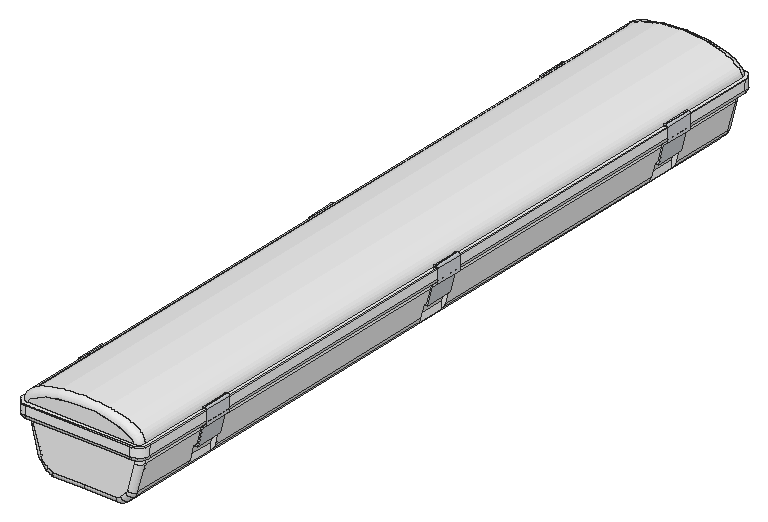
Revit family "0048818 Feilo Sylvania Lighting Fixture HYDROPROOF LED G3 600MM T 4K QC D", category Lighting Fixtures, host Face, Revit 2016
Family settings
  Host = Face
  Part Type = Normal
  Round Connector Dimension = Use Diameter
  OmniClass Number = 23.80.70.11.14
  OmniClass Title = General Luminaries, Directional
  Cut with Voids When Loaded = No
  Light Source = Yes
  Shared = No
  Room Calculation Point = No
Parameters (values of type "0048818 HYDROPROOF LED G3 600MM T 4K QC D")
  Width = 110 mm
  Weight = "1.18 kg"
  Wattage Comments = "n/a"
  Wattage = 19 W
  WarrantyStartDate [instance] = "n/a"
  WarrantyGuarantorParts = "n/a"
  WarrantyDurationUnit = "n/a"
  WarrantyDurationParts = "n/a"
  WarrantyDescription = "n/a"
  built-in parameter 1150110 = 1 (stored number, unit not read)
  Voltage = 230 V
  URL = "http://www.sylvania-lighting.com"
  TypeName = "HYDROPROOF LED G3 600MM T 4K QC D"
  Type Image = <None>
  Type Comments = "n/a"
  built-in parameter 1114217 = 1 (stored number, unit not read)
  Tilt Angle = -90.00°
  built-in parameter 1150109 = 1 (stored number, unit not read)
  built-in parameter 1150134 = 12
  built-in parameter 1150113 = 1 (stored number, unit not read)
  SerialNumber [instance] = "n/a"
  ReflectorMaterial = none
  PowerFactor = 0
  PowerConsumption = "19 W"
  Photometric Web File = "0048818.ies"
  NominalWidth = 0 mm
  NominalLength = 665 mm
  NominalHeight = 78 mm
  Name = "HYDROPROOF LED G3 600MM T 4K QC D"
  ModelReference = "HYDROPROOF LED G3 600MM T 4K QC D"
  ModelNumber = "0048818"
  Model = "HYDROPROOF LED G3 600MM T 4K QC D"
  Material = "grp housing, pmma diffuser"
  ManufacturerName = "Feilo Sylvania"
  Manufacturer = "Feilo Sylvania"
  LuminousEfficacy = "145 lm/W"
  built-in parameter 1150105 = 219.24 (stored number, unit not read)
  Lumens = 2755 lm
  LuminaireType = ""
  built-in parameter 1150115 = 1 (stored number, unit not read)
  LightOutputRatio = "n/a"
  built-in parameter 1150137 = (empty or 0)
  built-in parameter 1150139 = (empty or 0)
  Length = 665 mm
  LampsType = Lamp  # "LED"
  LampNominalLuminous = "2800 lm"
  LampMacAdamStep = "3"
  LampColourTemperature = "4000 K"
  LampColourRenderingIndex = "80"
  built-in parameter 1150112 = 1 (stored number, unit not read)
  built-in parameter 1150114 = 1 (stored number, unit not read)
  Lamp = "LED"
  Keynote = "16500"
  InstallationDate [instance] = "n/a"
  InputVoltage = "220-240V~"
  InputNominalFrequency = "DC/50/60 Hz"
  built-in parameter 1150132 = (empty or 0)
  built-in parameter 1150102 = (empty or 0)
  built-in parameter 1150107 = 4000 (stored number, unit not read)
  built-in parameter 1150138 = (empty or 0)
  IngressProtection = "IP65"
  ImpactProtectionIndex = "IK02"
  built-in parameter 1150106 = 2.1924 (stored number, unit not read)
  IfcExportType = "IfcLightFixtureType"
  IfcExportAs = "IfcLightFixtureType"
  ExpectedLife = 50000
  Emit from Rectangle Width = Width - 20 mm  # 90 mm
  Emit from Rectangle Length = Length - 20 mm  # 645 mm
  Emit Shape Visible in Rendering = no
  ElectricShockClassification = "Class I"
  built-in parameter 1150104 = 13.471 (stored number, unit not read)
  DurationUnit = "hours"
  DocumentationLiterature = "http://www.sylvania-lighting.com/product/en-int/products/0048818"
  DimmingControlOptions = "Dimmable"
  Dimming Lamp Color Temperature Shift = <None>
  DiffuserMaterial = Diffuser-Sylvania-Transparent
  Description = "Hydroproof, integrated LED chemical resistant weatherproof luminaire with quick connector, with UV stabilized flat diffuser and linear prisms designed to achieve uniform lit appearance, optimise light output and to reduce glare, stainless steel diffuser clips and fixing brackets for surface and wall mounting. L 665 mm x W 110 mm x H 78 mm size, GRP housing, PMMA diffuser, DALI dimmable, 4000K, CRI80,  2800 lm, 19 W, 145 lm/W, nominal average life (h):50000, energy class: A++ A+ A Class I,IK02, IP65."
  Default Elevation = 1219.2 mm
  CreatedOn = "3/27/2018"
  CreatedBy = "aron.fodor@feilosylvania.com"
  Cost = 0
  Color Filter = 16777215
  built-in parameter 1114216 [instance] = (empty or 0)
  ClassificationValue = "EF_70_80"
  ClassificationName = "Uniclass2015"
  BracketOffset_FEILO = 360 mm
  BodyMaterial = Body-Sylvania-Gray
  BarCode [instance] = "n/a"
  built-in parameter 1114218 = 1 (stored number, unit not read)
  built-in parameter 1150133 = 10 (stored number, unit not read)
  AssetType = "Fixed"
  AssetIdentifier [instance] = "n/a"
  Assembly Code = "D5020200"
  Apparent Load = 19 VA
  AccessoryMaterial = Diffuser-Sylvania-Glow
Reference planes
  plane 1 "Center (Front/Back)": y = 0
  plane 2: z = 0
  plane 3 "Center (Left/Right)": x = 0
  plane 4: z = 54
  plane 5: x = -27.7
  plane 6: x = -34.8
  plane 7: x = -39.6
  plane 8: x = -42.2
  plane 9: z = 3
  plane 10: z = 7.8
  plane 11: z = 12.3
  plane 12: z = 36.6
  plane 13: z = 42.8
  plane 14: x = -51.1
  plane 15: z = 46.2
  plane 16: x = -55
  plane 17: y = 332.5
  plane 18: y = -332.5
  plane 19: x = 27.7
  plane 20: x = 34.8
  plane 21: x = 39.6
  plane 22: x = 42.2
  plane 23: x = 51.1
  plane 24: x = 55
  plane 25: y = 324.9
  plane 26: y = -324.9
  plane 27: y = -321.2
  plane 28: y = 321.2
  plane 29: z = 74
  plane 30: x = -51.5
  plane 31: x = 51.5
  plane 32: z = 55.2
  plane 33: y = -329
  plane 34: y = 329
  plane 35: x = -37.5
  plane 36: x = 37.5
  plane 37: x = -48.7
  plane 38: x = 48.7
  plane 39: x = 18
  plane 40: x = -18
  plane 41: z = 50.2
  plane 42: z = 24.6
  plane 43: y = 720
  plane 44: y = 706
  plane 45: y = 734
  plane 46: y = 250
  plane 47: y = 236
  plane 48: y = 264
  plane 49: y = 0
  plane 50: y = -14
  plane 51: y = 14
  plane 52: y = -250
  plane 53: y = -264
  plane 54: y = -236
Forms (mm)
  Sweep 1, solid, material "Body-Sylvania-Gray" <- "BodyMaterial", detail levels medium+fine
    path origin (1223.4, -4572, 54) x (0, -1, 0) y (1, 0, 0)
      loop
        arc (-4249.5, -1278.4) -> (-4242.429, -1275.471) -> (-4239.5, -1268.4) r 10
        line (-4239.5, -1268.4) -> (-4239.5, -1178.4)
        arc (-4239.5, -1178.4) -> (-4242.429, -1171.329) -> (-4249.5, -1168.4) r 10
        line (-4249.5, -1168.4) -> (-4894.5, -1168.4)
        arc (-4894.5, -1168.4) -> (-4901.571, -1171.329) -> (-4904.5, -1178.4) r 10
        line (-4904.5, -1178.4) -> (-4904.5, -1268.4)
        arc (-4904.5, -1268.4) -> (-4901.571, -1275.471) -> (-4894.5, -1278.4) r 10
        line (-4894.5, -1278.4) -> (-4249.5, -1278.4)
    profile origin (-55, 0, 54) x (-1, 0, 0) y (0, 0, 1)
      loop
        line (0, 0) -> (-1, 0) -> (-1, -7.726)
        arc (-1, -7.726) -> (-1.994, -9.498) -> (-3.9, -10.2) r 2.937
        line (-3.9, -10.2) -> (-8.571, -10.2) -> (-8.571, -11.2) -> (-3.9, -11.2)
        arc (-3.9, -11.2) -> (-1.313, -10.231) -> (0, -7.8) r 3.937
        line (0, -7.8) -> (0, 0)
  Sweep 2, solid, material "Body-Sylvania-Gray" <- "BodyMaterial", detail levels medium+fine
    path origin (0, 0, 0) x (1, 0, 0) y (0, 0, 1)
      loop
        line (48.7, 42.8) -> (48.7, 36.6) -> (42.203, 12.31)
        arc (42.203, 12.31) -> (41.199, 9.884) -> (39.6, 7.8) r 10.052
        line (39.6, 7.8) -> (34.8, 3)
        arc (34.8, 3) -> (31.554, 0.781) -> (27.7, 0) r 9.902
        line (27.7, 0) -> (0, 0) -> (-27.7, 0)
        arc (-27.7, 0) -> (-31.554, 0.781) -> (-34.8, 3) r 9.902
        line (-34.8, 3) -> (-39.6, 7.8)
        arc (-39.6, 7.8) -> (-41.199, 9.884) -> (-42.203, 12.31) r 10.052
        line (-42.203, 12.31) -> (-48.7, 36.6) -> (-48.7, 42.8)
    profile origin (0, 0, 0) x (0, 0, -1) y (0, -1, 0)
      loop
        arc (0, 319.9) -> (-1.464, 323.436) -> (-5, 324.9) r 5
        line (-5, 324.9) -> (-7.8, 324.9) -> (-7.8, -324.9) -> (-5, -324.9)
        arc (-5, -324.9) -> (-1.464, -323.436) -> (0, -319.9) r 5
        line (0, -319.9) -> (0, 319.9)
  Extrusion 3, solid, material "Body-Sylvania-Gray" <- "BodyMaterial", detail levels medium+fine
    sketch origin (1524, 324.9, 1219.2) x (1, 0, 0) y (0, 0, 1)
      loop
        arc (-1558.668, -1204.874) -> (-1558.443, -1205.418) -> (-1558.085, -1205.885) r 2.252
        line (-1558.085, -1205.885) -> (-1553.231, -1210.738)
        arc (-1553.231, -1210.738) -> (-1552.534, -1211.227) -> (-1551.7, -1211.4) r 2.102
        line (-1551.7, -1211.4) -> (-1496.3, -1211.4)
        arc (-1496.3, -1211.4) -> (-1495.466, -1211.227) -> (-1494.769, -1210.738) r 2.102
        line (-1494.769, -1210.738) -> (-1489.915, -1205.885)
        arc (-1489.915, -1205.885) -> (-1489.557, -1205.418) -> (-1489.332, -1204.874) r 2.252
        line (-1489.332, -1204.874) -> (-1483.1, -1181.575) -> (-1483.1, -1176.4) -> (-1564.9, -1176.4) -> (-1564.9, -1181.575) -> (-1558.668, -1204.874)
    from 0 to 649.8
  Sweep 4, solid, material "Diffuser-Sylvania-Transparent" <- "DiffuserMaterial", detail levels medium+fine
    path origin (0, 0, 0) x (1, 0, 0) y (0, 0, 1)
      loop
        spline (-51.5, 55.2) -> (-49.745, 60.066) -> (-44.6, 64.6) -> (-36.416, 68.494) -> (-25.75, 71.481) -> (-13.329, 73.359) -> (0, 74) -> (13.329, 73.359) -> (25.75, 71.481) -> (36.416, 68.494) -> (44.6, 64.6) -> (49.745, 60.066) -> (51.5, 55.2)
    profile origin (51.5, 0, 55.2) x (0, -1, 0) y (1, 0, 0)
      loop
        arc (329, -5.5) -> (327.389, -1.611) -> (323.5, 0) r 5.5
        line (323.5, 0) -> (-323.5, 0)
        arc (-323.5, 0) -> (-327.389, -1.611) -> (-329, -5.5) r 5.5
        line (-329, -5.5) -> (-329, -6.3) -> (-328, -6.3) -> (-328, -5.5)
        arc (-328, -5.5) -> (-326.682, -2.318) -> (-323.5, -1) r 4.5
        line (-323.5, -1) -> (323.5, -1)
        arc (323.5, -1) -> (326.682, -2.318) -> (328, -5.5) r 4.5
        line (328, -5.5) -> (328, -6.347) -> (329, -6.347) -> (329, -5.5)
  Extrusion 5, solid, material "Diffuser-Sylvania-Transparent" <- "DiffuserMaterial", detail levels medium+fine
    sketch origin (1524, -329, 1219.2) x (1, 0, 0) y (0, 0, 1)
      loop
        line (-1569.653, -1164) -> (-1478.347, -1164)
        spline (-1478.347, -1164) -> (-1478.969, -1162.594) -> (-1482.527, -1159.545) -> (-1489.588, -1156.201) -> (-1499.458, -1153.445) -> (-1511.242, -1151.663) -> (-1524, -1151.049) -> (-1536.758, -1151.663) -> (-1548.542, -1153.445) -> (-1558.412, -1156.201) -> (-1565.473, -1159.545) -> (-1569.031, -1162.594) -> (-1569.653, -1164)
    from 0 to -1
  Extrusion 6, solid, material "Diffuser-Sylvania-Transparent" <- "DiffuserMaterial", detail levels medium+fine
    sketch origin (1524, 329, 1219.2) x (1, 0, 0) y (0, 0, 1)
      loop
        spline (-1478.3, -1164) -> (-1478.931, -1162.565) -> (-1482.502, -1159.505) -> (-1489.572, -1156.155) -> (-1499.446, -1153.394) -> (-1511.236, -1151.614) -> (-1524, -1151.007) -> (-1536.764, -1151.614) -> (-1548.554, -1153.394) -> (-1558.428, -1156.155) -> (-1565.498, -1159.505) -> (-1569.069, -1162.565) -> (-1569.7, -1164)
        line (-1569.7, -1164) -> (-1478.3, -1164)
    from 0 to 1
  Extrusion 7, solid, material "Diffuser-Sylvania-Transparent" <- "DiffuserMaterial", detail levels medium+fine
    sketch origin (1223.4, -4572, 55.2) x (0, -1, 0) y (-1, 0, 0)
      loop
        arc (-4900, 1177.4) -> (-4898.682, 1174.218) -> (-4895.5, 1172.9) r 4.5
        line (-4895.5, 1172.9) -> (-4248.5, 1172.9)
        arc (-4248.5, 1172.9) -> (-4245.318, 1174.218) -> (-4244, 1177.4) r 4.5
        line (-4244, 1177.4) -> (-4244, 1269.4)
        arc (-4244, 1269.4) -> (-4245.318, 1272.582) -> (-4248.5, 1273.9) r 4.5
        line (-4248.5, 1273.9) -> (-4895.5, 1273.9)
        arc (-4895.5, 1273.9) -> (-4898.682, 1272.582) -> (-4900, 1269.4) r 4.5
        line (-4900, 1269.4) -> (-4900, 1177.4)
      loop
        line (-4904.5, 1268.4) -> (-4904.5, 1178.4)
        arc (-4904.5, 1178.4) -> (-4901.571, 1171.329) -> (-4894.5, 1168.4) r 10
        line (-4894.5, 1168.4) -> (-4249.5, 1168.4)
        arc (-4249.5, 1168.4) -> (-4242.429, 1171.329) -> (-4239.5, 1178.4) r 10
        line (-4239.5, 1178.4) -> (-4239.5, 1268.4)
        arc (-4239.5, 1268.4) -> (-4242.429, 1275.471) -> (-4249.5, 1278.4) r 10
        line (-4249.5, 1278.4) -> (-4894.5, 1278.4)
        arc (-4894.5, 1278.4) -> (-4901.571, 1275.471) -> (-4904.5, 1268.4) r 10
    from 0 to 1.2
  Extrusion 8, solid, material "Diffuser-Sylvania-Glow" <- "AccessoryMaterial", detail levels fine
    sketch origin (0, 0, 0) x (1, 0, 0) y (0, 0, 1)
      loop
        circle (-18, 50.2) r 8
      loop
        circle (18, 50.2) r 8
    from -321.2 to 321.2
  Extrusion 9, solid, material "Body-Sylvania-Gray" <- "BodyMaterial", detail levels coarse
    sketch origin (0, 0, 0) x (1, 0, 0) y (0, 0, 1)
      loop
        line (55, 42.8) -> (55, 55.2) -> (-55, 55.2) -> (-55, 42.791) -> (-42.2, 0) -> (42.2, 0) -> (55, 42.8)
    from -332.5 to 332.5
  Extrusion 10, solid, material "Diffuser-Sylvania-Transparent" <- "DiffuserMaterial", detail levels coarse
    sketch origin (0, 0, 0) x (1, 0, 0) y (0, 0, 1)
      loop
        arc (51.5, 55.2) -> (0, 74) -> (-51.5, 55.2) r 79.939
        line (-51.5, 55.2) -> (51.5, 55.2)
    from 324.9 to -324.9
  Extrusion 11, void, not visible
    sketch origin (0, 720, 2343.807) x (0, 0, -1) y (-1, 0, 0)
      loop
        line (2340.807, -37.5) -> (2331.507, -37.5) -> (2319.207, -42.2) -> (2319.207, -48.7) -> (2340.807, -48.7) -> (2340.807, -37.5)
      loop
        line (2340.807, 37.5) -> (2340.807, 48.7) -> (2319.207, 48.7) -> (2319.207, 42.2) -> (2331.507, 37.5) -> (2340.807, 37.5)
    from -14 to 14
  Extrusion 12, void
    sketch origin (0, 250, 2343.807) x (0, 0, -1) y (-1, 0, 0)
      loop
        line (2340.807, -37.5) -> (2331.507, -37.5) -> (2319.207, -42.2) -> (2319.207, -48.7) -> (2340.807, -48.7) -> (2340.807, -37.5)
      loop
        line (2340.807, 37.5) -> (2340.807, 48.7) -> (2319.207, 48.7) -> (2319.207, 42.2) -> (2331.507, 37.5) -> (2340.807, 37.5)
    from -14 to 14
  Extrusion 13, void
    sketch origin (0, 0, 2343.807) x (0, 0, -1) y (-1, 0, 0)
      loop
        line (2340.807, -37.5) -> (2331.507, -37.5) -> (2319.207, -42.2) -> (2319.207, -48.7) -> (2340.807, -48.7) -> (2340.807, -37.5)
      loop
        line (2340.807, 37.5) -> (2340.807, 48.7) -> (2319.207, 48.7) -> (2319.207, 42.2) -> (2331.507, 37.5) -> (2340.807, 37.5)
    from -14 to 14
  Extrusion 14, void
    sketch origin (0, -250, 2343.807) x (0, 0, -1) y (-1, 0, 0)
      loop
        line (2340.807, -37.5) -> (2331.507, -37.5) -> (2319.207, -42.2) -> (2319.207, -48.7) -> (2340.807, -48.7) -> (2340.807, -37.5)
      loop
        line (2340.807, 37.5) -> (2340.807, 48.7) -> (2319.207, 48.7) -> (2319.207, 42.2) -> (2331.507, 37.5) -> (2340.807, 37.5)
    from -14 to 14
Cuts and joins
  Extrusion 12, Extrusion 13, Extrusion 14 cuts Sweep 2
  Extrusion 12, Extrusion 13, Extrusion 14 cuts Extrusion 3
  joined: Sweep 2, Extrusion 3
  joined: Sweep 4, Extrusion 5, Extrusion 6
Dimensions and locks
  locked: plane 4 to plane 2 at 54
  plane 5 to plane 6 to plane 7 to plane 8 to plane 14 to plane 16 = 7.1 mm locked, 4.8 mm locked, 2.6 mm locked, 8.9 mm, 3.9 mm
  plane 4 to plane 15 to plane 13 to plane 12 to plane 11 to plane 10 to plane 9 = 7.8 mm locked, 3.4 mm, 6.2 mm locked, 24.3 mm locked, 4.5 mm locked, 4.8 mm locked
  equal spacing: plane 18, plane 1 "Center (Front/Back)", plane 17
  "Length": plane 18 to plane 17
  plane 19 to plane 20 to plane 21 to plane 22 to plane 23 to plane 24 = 7.1 mm locked, 4.8 mm locked, 2.6 mm locked, 8.9 mm, 3.9 mm
  equal spacing: plane 24, plane 3 "Center (Left/Right)", plane 16
  "Width": plane 24 to plane 16
  equal spacing: plane 27, plane 1 "Center (Front/Back)", plane 28
  locked: plane 26 to plane 27 at 3.7
  locked: Sweep 1 sketch curve to profile plane at 1
  locked: Sweep 1 sketch curve to plane 13 at 1
  locked: Sweep 1 sketch curve to plane 13 at 3.937  (x2)
  locked: Sweep 1 sketch curve to profile plane at 3.9  (x2)
  locked: plane 29 to plane 4 at 20
  equal spacing: plane 31, plane 3 "Center (Left/Right)", plane 30
  locked: plane 30 to plane 16 at 3.5
  locked: plane 32 to plane 4 at 1.2
  equal spacing: plane 33, plane 1 "Center (Front/Back)", plane 34
  equal spacing: plane 36, plane 3 "Center (Left/Right)", plane 35
  locked: plane 3 "Center (Left/Right)" to plane 35 at 37.5
  locked: plane 34 to plane 17 at 3.5
  equal spacing: plane 38, plane 3 "Center (Left/Right)", plane 37
  locked: plane 37 to plane 16 at 6.3
  equal spacing: plane 25, plane 1 "Center (Front/Back)", plane 26
  locked: plane 17 to plane 25 at 7.6
  locked: Sweep 2 sketch curve to plane 2 at 5  (x2)
  locked: Sweep 2 sketch curve to plane 26 at 5
  locked: plane 25 to Sweep 2 sketch curve at 5
  locked: Sweep 4 sketch curve to plane 31 at 5.5  (x2)
  locked: Sweep 4 sketch curve to plane 34 at 5.5
  plane 33 to Sweep 4 sketch curve = 5.5 mm
  locked: plane 34 to Sweep 4 sketch curve at 1
  locked: Sweep 4 sketch curve to plane 31 at 1
  locked: Sweep 4 sketch curve to Sweep 4 sketch curve at 1
  locked: Sweep 4 sketch curve to plane 31 at 6.347
  locked: Sweep 4 sketch curve to plane 31 at 6.3
  equal spacing: plane 39, plane 3 "Center (Left/Right)", plane 40
  locked: plane 3 "Center (Left/Right)" to plane 40 at 18
  locked: plane 42 to plane 2 at 24.6
  plane 45 to plane 43 to plane 44 = 14 mm locked, 14 mm locked
  plane 48 to plane 46 to plane 47 = 14 mm locked, 14 mm locked
  plane 51 to plane 49 to plane 50 = 14 mm locked, 14 mm locked
  plane 54 to plane 52 to plane 53 = 14 mm locked, 14 mm locked
  equal spacing: plane 46, plane 1 "Center (Front/Back)", plane 52
  locked: plane 46 to plane 1 "Center (Front/Back)" at 250
  aligned and locked: plane 2 to host face
  aligned and locked: level to host face
  aligned and locked: plane 16 to Sweep 1 sketch curve
  aligned and locked: Sweep 1 sketch curve to plane 24
  aligned and locked: plane 18 to Sweep 1 sketch curve
  aligned and locked: Sweep 1 sketch curve to plane 13
  aligned and locked: profile plane to Sweep 1 sketch curve
  aligned and locked: plane 3 "Center (Left/Right)" to Sweep 2 sketch curve
  aligned and locked: plane 9 to Sweep 2 sketch curve
  aligned and locked: plane 10 to Sweep 2 sketch curve
  aligned and locked: plane 37 to Sweep 2 sketch curve
  aligned and locked: plane 12 to Sweep 2 sketch curve
  aligned and locked: Sweep 2 sketch curve to level
  aligned and locked: plane 21 to Sweep 2 sketch curve
  aligned and locked: plane 38 to Sweep 2 sketch curve
  aligned and locked: profile plane to Sweep 2 sketch curve
  aligned and locked: plane 25 to Sweep 2 sketch curve
  aligned and locked: Sweep 2 sketch curve to plane 10
  aligned and locked: Extrusion 3 sketch curve to Sweep 2  (x7)
  aligned and locked: Sweep 2 to Extrusion 3 sketch curve
  aligned and locked: Extrusion 3 to plane 25
  aligned and locked: plane 26 to Extrusion 3
  aligned and locked: plane 32 to Sweep 4 sketch curve
  aligned and locked: plane 33 to Sweep 4 sketch curve
  aligned and locked: Sweep 4 to Extrusion 5
  aligned and locked: plane 33 to Extrusion 5
  aligned and locked: Extrusion 5 sketch curve to Sweep 4
  aligned and locked: cut or joined group of Sweep 4, Extrusion 5, Extrusion 6 to Extrusion 6 sketch curve
  aligned and locked: Extrusion 7 sketch curve to cut or joined group of Sweep 4, Extrusion 5, Extrusion 6  (x2)
  aligned and locked: cut or joined group of Sweep 4, Extrusion 5, Extrusion 6 to Extrusion 7 sketch curve  (x2)
  aligned and locked: plane 41 to Extrusion 8 sketch curve  (x2)
  aligned and locked: plane 39 to Extrusion 8 sketch curve
  aligned and locked: plane 27 to Extrusion 8
  aligned and locked: Extrusion 8 to plane 28
  aligned and locked: Extrusion 7 sketch curve to Sweep 1  (x4)
  aligned and locked: plane 4 to Extrusion 7
  aligned and locked: Extrusion 7 to plane 32
  aligned and locked: Extrusion 9 sketch curve to plane 24
  aligned and locked: Extrusion 9 sketch curve to Extrusion 7
  aligned and locked: plane 8 to Extrusion 9 sketch curve
  aligned and locked: plane 22 to Extrusion 9 sketch curve
  aligned and locked: level to Extrusion 9 sketch curve
  aligned and locked: Extrusion 9 to plane 17
  aligned and locked: plane 18 to Extrusion 9
  aligned and locked: cut or joined group of Sweep 4, Extrusion 5, Extrusion 6 to Extrusion 10 sketch curve
  aligned and locked: Extrusion 10 sketch curve to cut or joined group of Sweep 4, Extrusion 5, Extrusion 6  (x2)
  aligned and locked: plane 31 to Extrusion 10 sketch curve
  aligned and locked: plane 30 to Extrusion 10 sketch curve
  aligned and locked: plane 26 to Extrusion 10
  aligned and locked: Extrusion 10 to plane 25
  aligned and locked: imposter light to plane 29
  aligned and locked: plane 3 "Center (Left/Right)" to imposter light
  aligned and locked: plane 1 "Center (Front/Back)" to imposter light
  aligned and locked: plane 47 to Extrusion 12
  aligned and locked: Extrusion 12 to plane 48
  aligned and locked: plane 50 to Extrusion 13
  aligned and locked: Extrusion 13 to plane 51
  aligned and locked: plane 53 to Extrusion 14
  aligned and locked: Extrusion 14 to plane 54
  aligned and locked: nested 1 to plane 46
  aligned and locked: plane 46 to nested 6
  aligned and locked: nested 2 to plane 49
  aligned and locked: plane 49 to nested 5
  aligned and locked: nested 3 to plane 52
  aligned and locked: plane 52 to nested 4
  aligned and locked: plane 49 to plane 1 "Center (Front/Back)"
Automatic sketch dimensions
  host sketch curve to host sketch curve = 2438.4 mm  (x2)
  plane 17 to Sweep 1 sketch curve = 0 mm
  Sweep 1 sketch curve to plane 28 = 1.3 mm
  Sweep 1 sketch curve to plane 7 = 5.4 mm
  plane 27 to Sweep 1 sketch curve = 1.3 mm  (x2)
  Sweep 1 sketch curve to Sweep 1 sketch curve = 4.671 mm
  Sweep 1 sketch curve to plane 4 = 0 mm
  Sweep 2 sketch curve to plane 7 = 0 mm
  Sweep 2 sketch curve to plane 6 = 0 mm
  Sweep 2 sketch curve to plane 5 = 0 mm
  plane 19 to Sweep 2 sketch curve = 0 mm
  Sweep 2 sketch curve to plane 9 = 0 mm
  plane 20 to Sweep 2 sketch curve = 0 mm
  Sweep 2 sketch curve to plane 12 = 0 mm
  Sweep 2 sketch curve to plane 10 = 0 mm
  Sweep 2 sketch curve to plane 13 = 0 mm  (x2)
  Sweep 2 sketch curve to plane 8 = 0.003 mm
  plane 6 to Sweep 2 sketch curve = 2.308 mm
  plane 20 to Sweep 2 sketch curve = 2.308 mm
  Sweep 2 sketch curve to plane 22 = 0.003 mm
  Sweep 2 sketch curve to plane 11 = 0.01 mm  (x2)
  Extrusion 3 sketch curve to plane 5 = 0 mm
  plane 19 to Extrusion 3 sketch curve = 0 mm
  plane 6 to Extrusion 3 sketch curve = 0.132 mm
  plane 6 to Extrusion 3 sketch curve = 0.715 mm
  Extrusion 3 sketch curve to Extrusion 3 sketch curve = 1.592 mm
  Extrusion 3 sketch curve to plane 10 = 0.662 mm  (x2)
  plane 20 to Extrusion 3 sketch curve = 2.308 mm
  plane 20 to Extrusion 3 sketch curve = 0.715 mm
  plane 20 to Extrusion 3 sketch curve = 0.132 mm
  Sweep 4 sketch curve to plane 30 = 0 mm
  Sweep 4 sketch curve to plane 3 "Center (Left/Right)" = 0 mm
  Sweep 4 sketch curve to Sweep 4 sketch curve = 0 mm  (x2)
  plane 37 to Extrusion 5 sketch curve = 3.047 mm
  Extrusion 5 sketch curve to plane 38 = 3.047 mm
  plane 37 to Extrusion 6 sketch curve = 3 mm
  Extrusion 6 sketch curve to plane 38 = 3 mm
  plane 25 to Extrusion 7 sketch curve = 1.4 mm  (x2)
  Extrusion 7 sketch curve to plane 26 = 1.4 mm  (x2)
  Extrusion 8 sketch curve to plane 40 = 0 mm
  Extrusion 9 sketch curve to plane 13 = 0 mm
  plane 13 to Extrusion 9 sketch curve = 0.009 mm
  Extrusion 10 sketch curve to level = 5.939 mm
  Extrusion 9 sketch curve to plane 16 = 0 mm
  Extrusion 11 sketch curve to Extrusion 11 sketch curve = 0 mm
  Extrusion 11 sketch curve to Extrusion 11 sketch curve = 12.3 mm  (x2)
  Extrusion 11 sketch curve to Extrusion 11 sketch curve = 9.3 mm  (x2)
  Extrusion 11 sketch curve to Extrusion 11 sketch curve = 6.5 mm
  Extrusion 11 sketch curve to Extrusion 11 sketch curve = 4.7 mm  (x2)
  Extrusion 11 sketch curve to Extrusion 11 sketch curve = 75 mm
  Extrusion 11 sketch curve to Extrusion 11 sketch curve = 11.2 mm
  Extrusion 12 sketch curve to Extrusion 12 sketch curve = 0 mm
  Extrusion 12 sketch curve to Extrusion 12 sketch curve = 12.3 mm  (x2)
  Extrusion 12 sketch curve to Extrusion 12 sketch curve = 9.3 mm  (x2)
  Extrusion 12 sketch curve to Extrusion 12 sketch curve = 6.5 mm
  Extrusion 12 sketch curve to Extrusion 12 sketch curve = 4.7 mm  (x2)
  Extrusion 12 sketch curve to Extrusion 12 sketch curve = 75 mm
  Extrusion 12 sketch curve to Extrusion 12 sketch curve = 11.2 mm
  Extrusion 13 sketch curve to Extrusion 13 sketch curve = 0 mm
  Extrusion 13 sketch curve to Extrusion 13 sketch curve = 12.3 mm  (x2)
  Extrusion 13 sketch curve to Extrusion 13 sketch curve = 9.3 mm  (x2)
  Extrusion 13 sketch curve to Extrusion 13 sketch curve = 6.5 mm
  Extrusion 13 sketch curve to Extrusion 13 sketch curve = 4.7 mm  (x2)
  Extrusion 13 sketch curve to Extrusion 13 sketch curve = 75 mm
  Extrusion 13 sketch curve to Extrusion 13 sketch curve = 11.2 mm
  Extrusion 14 sketch curve to Extrusion 14 sketch curve = 0 mm
  Extrusion 14 sketch curve to Extrusion 14 sketch curve = 12.3 mm  (x2)
  Extrusion 14 sketch curve to Extrusion 14 sketch curve = 9.3 mm  (x2)
  Extrusion 14 sketch curve to Extrusion 14 sketch curve = 6.5 mm
  Extrusion 14 sketch curve to Extrusion 14 sketch curve = 4.7 mm  (x2)
  Extrusion 14 sketch curve to Extrusion 14 sketch curve = 75 mm
  Extrusion 14 sketch curve to Extrusion 14 sketch curve = 11.2 mm
  radius of Extrusion 8 sketch curve = 8 mm  (x2)
Nested families
  nested 1: "Clip" at (-42.2, 250, 24.6) x (-1, 0, 0) z (0, 0, 1), type "Clip", detail levels fine
  nested 2: "Clip" at (-42.2, 0, 24.6) x (-1, 0, 0) z (0, 0, 1), type "Clip", detail levels fine
  nested 3: "Clip" at (-42.2, -250, 24.6) x (-1, 0, 0) z (0, 0, 1), type "Clip", detail levels fine
  nested 4: "Clip" at (42.2, -250, 24.6), type "Clip", detail levels fine
  nested 5: "Clip" at (42.2, 0, 24.6), type "Clip", detail levels fine
  nested 6: "Clip" at (42.2, 250, 24.6), type "Clip", detail levels fine
Connectors
  electrical at (0, 0, 0), driven by "Apparent Load"
    settings: index 1, voltage 230 V, apparent load 19 VA, apparent load phase1 0 VA, apparent load phase2 0 VA, apparent load phase3 0 VA, power factor 0, load classification "Lighting", number of poles 1, system type 30, power factor state 1, is connector primary yes, connector utility no, sub classification motor no, connector description ""
Definition of nested family "Clip"
  Parameters (values of type "Clip")
    URL = "http://www.feilosylvania.com"
    Type Comments = "n/a"
    Model = "n/a"
    Manufacturer = "Feilo Sylvania"
    Keynote = "n/a"
    Description = "n/a"
    Default Elevation = 1219.2 mm
    Cost = 0
    BodyMaterial = none
    Assembly Code = "n/a"
  Reference planes
    plane 1 "Center (Front/Back)": y = 0
    plane 2: z = 0
    plane 3 "Center (Left/Right)": x = 0
    plane 4: x = 3.3
    plane 5: x = 6.5
    plane 6: x = 8.9
    plane 7: x = 12.8
    plane 8: z = 12
    plane 9: z = 18.2
    plane 10: z = 21.6
    plane 11: z = 30.6
    plane 12: x = 9.3
    plane 13: z = 19.2
    plane 14: z = 16.2
    plane 15: x = 10.1
    plane 16: y = 12
    plane 17: y = -12
  Forms (mm)
    Extrusion 1, solid
      sketch origin (-0.8, 0, 0) x (1, 0, 0) y (0, 1, 0)
        loop
          line (-1219.2, 1219.2) -> (-1219.2, -1219.2) -> (1219.2, -1219.2) -> (1219.2, 1219.2) -> (-1219.2, 1219.2)
      from 0 to -304.8
    Extrusion 2, solid
      sketch origin (0, 0, 0) x (1, 0, 0) y (0, 0, 1)
        loop
          line (8.9, 16.2) -> (4.58, 0) -> (0, 0) -> (0, -0.8) -> (5.195, -0.8) -> (9.603, 15.731) -> (13.6, 18.806) -> (13.6, 30.6)
          arc (13.6, 30.6) -> (11.45, 32.75) -> (9.3, 30.6) r 2.15
          line (9.3, 30.6) -> (10.1, 30.6)
          arc (10.1, 30.6) -> (11.45, 31.95) -> (12.8, 30.6) r 1.35
          line (12.8, 30.6) -> (12.8, 19.2) -> (8.9, 16.2)
      from -12 to 12
  Lines and regions (mm)
    reference lines
      curve 1: line (3.3, 0, 0) -> (6.5, 0, 12)
      curve 2: arc (8.9, 0, 18.2) -> (11.488, 0, 19.169) -> (12.8, 0, 21.6) r 3.934
  Dimensions and locks
    plane 7 to plane 6 to plane 5 to plane 4 to plane 3 "Center (Left/Right)" = 3.9 mm locked, 2.4 mm locked, 3.2 mm locked, 3.3 mm locked
    plane 11 to plane 10 to plane 9 to plane 8 to plane 2 = 9 mm locked, 3.4 mm locked, 6.2 mm locked, 12 mm locked
    locked: plane 7 to plane 12 at 3.5
    locked: plane 13 to plane 9 at 1
    locked: plane 9 to plane 14 at 2
    locked: plane 15 to plane 12 at 0.8
    locked: plane 2 to Extrusion 2 sketch curve at 0.8
    locked: Extrusion 2 sketch curve to Extrusion 2 sketch curve at 0.8  (x3)
    locked: plane 7 to Extrusion 2 sketch curve at 1.35
    equal spacing: plane 17, plane 1 "Center (Front/Back)", plane 16
    locked: plane 1 "Center (Front/Back)" to plane 16 at 12
    aligned and locked: plane 2 to Extrusion 1
    aligned and locked: level to Extrusion 1
    aligned and locked: plane 4 to curve 1
    aligned and locked: plane 5 to curve 1
    aligned and locked: plane 6 to curve 2
    aligned and locked: plane 10 to curve 2
    aligned and locked: plane 14 to Extrusion 2 sketch curve
    aligned and locked: plane 13 to Extrusion 2 sketch curve
    aligned and locked: plane 7 to Extrusion 2 sketch curve
    aligned and locked: plane 3 "Center (Left/Right)" to Extrusion 2 sketch curve
    aligned and locked: Extrusion 2 sketch curve to level
    aligned and locked: Extrusion 2 sketch curve to plane 11
    aligned and locked: plane 11 to Extrusion 2 sketch curve
    aligned and locked: Extrusion 2 to plane 16
    aligned and locked: plane 17 to Extrusion 2
  Automatic sketch dimensions
    Extrusion 1 sketch curve to Extrusion 1 sketch curve = 2438.4 mm  (x2)
    curve 2 to plane 7 = 0 mm
    curve 1 to level = 0 mm
    curve 1 to plane 8 = 0 mm
    curve 2 to plane 9 = 0 mm
    plane 6 to curve 2 = 0.002 mm
    Extrusion 2 sketch curve to Extrusion 2 sketch curve = 0 mm
    Extrusion 2 sketch curve to plane 6 = 0 mm
    plane 4 to Extrusion 2 sketch curve = 1.28 mm
